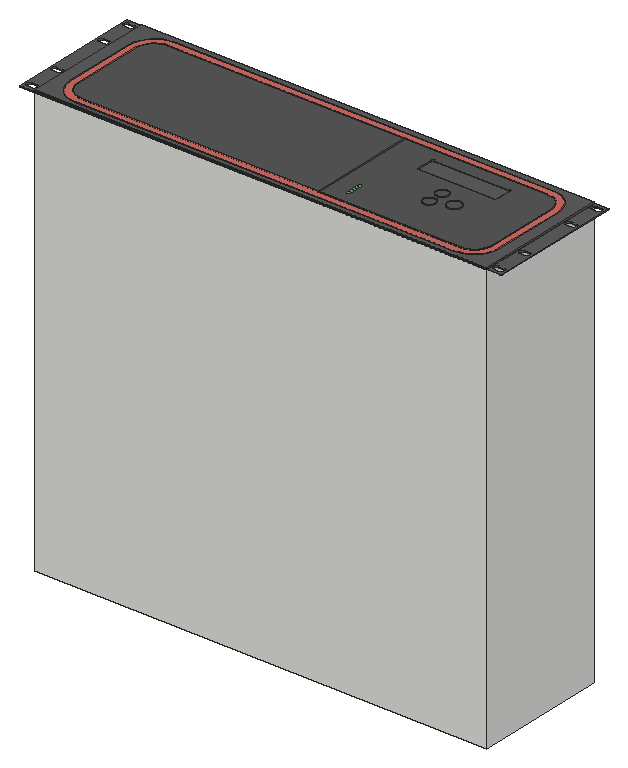
Revit family "Electronics_Configurable-Audio-DSP_Biamp_Tesira_Server-IO__", category Communication Devices, host Face, Revit 2020
Family settings
  Host = Face
  Maintain Annotation Orientation = No
  Round Connector Dimension = Use Diameter
  Part Type = Normal
  OmniClass Number = 23.85.10.17.11
  OmniClass Title = Audio-Visual System Components
  Cut with Voids When Loaded = No
  Shared = No
  Room Calculation Point = No
Parameters (values of type "SERVER-IO")
  Width = 19.00"  # constant formula
  Weight = 18.00 lbf  # constant formula
  Voltage = 120 V
  URL = "https://www.biamp.com/"
  Sampling Rate = "48kHz"  # constant formula
  SERVER-IO = yes
  SERVER = no
  Product data url = "https://www.bimobject.com/biamp/product/tesira-server-io_configurable-audio-dsp"
  Product Page URL = "https://www.biamp.com/products/tesira-configurable-audio-dsp#tesira-server-io"
  Product Documentation Link = "https://downloads.biamp.com/assets/docs/default-source/data-sheets/biamp_data_sheet_tesira_server-io_nov18.pdf"
  Power Factor = 1
  Phantom Power = "+48 VDC (7mA/input)"  # constant formula
  Output Impedance = "200 ohm"  # constant formula
  Number of Poles = 1
  Model = "Tesira SERVER IO"
  Maximum Output = "+24dBu"  # constant formula
  Max Power Consumption = 150 W
  Manufacturer = "Biamp"  # constant formula
  Input Impedance = "8 kohm"  # constant formula
  Input Gain Range = "6dB Steps: 0 - 66dB"  # constant formula
  Housing Material = Biamp - Metal - Silver
  Height = 5.25"  # constant formula
  Frequency Response = "+0/-0.25dB"  # constant formula
  EIN = "<-125dBu"  # constant formula
  Dynamic Range = ">108dB"  # constant formula
  Description = "Tesira® SERVER-IO Configurable I/O DSP"
  Depth = 17.00"  # constant formula
  Default Elevation = 48.00"
  Cross Talk = "0dB Gain, +4dBu In: < -85dB; 54dB Gain, -50dBu In: < -75dB"  # constant formula
  Connector Description = "100-240VAC 50/60Hz"  # constant formula
  Compliance = "FCC Part 15B (USA), FCC Part 68 (USA), Industry Canada CS-03 (Canada), CE marked (Europe), UL and C-UL listed (USA & Canada). RCM (Australia), EAC (Eurasian Customs Union), RoHS Directive (Europe)"  # constant formula
  Assembly Code = ""
  Apparent Load = Max Power Consumption / Power Factor  # 150 VA
  A/D Converters = "24-bit\r"  # constant formula
Reference planes (in)
  plane 1 "Center (Front/Back)": y = 0
  plane 2: z = 0
  plane 3 "Center (Left/Right)": x = 0
  plane 4: z = 0.03125
  plane 5: z = 0.07031
  plane 6: x = 18.4252
  plane 7: y = 2.39528
  plane 8: y = 1.13543
  plane 9: y = -1.14921
  plane 10: y = -2.40905
Forms (in)
  Extrusion 1, solid, material "Biamp - Plastic - Red", detail levels medium+fine
    sketch origin (9.2126, -2.625, -8.40624) x (1, 0, 0) y (0, 1, 0)
      loop
        arc (-7.46063, 5.03937) -> (-8.1566, 4.75109) -> (-8.44488, 4.05512) r 0.98425
        line (-8.44488, 4.05512) -> (-8.44488, 1.1811)
        arc (-8.44488, 1.1811) -> (-8.1566, 0.48513) -> (-7.46063, 0.19685) r 0.98425
        line (-7.46063, 0.19685) -> (7.46063, 0.19685)
        arc (7.46063, 0.19685) -> (8.1566, 0.48513) -> (8.44488, 1.1811) r 0.98425
        line (8.44488, 1.1811) -> (8.44488, 4.05512)
        arc (8.44488, 4.05512) -> (8.1566, 4.75109) -> (7.46063, 5.03937) r 0.98425
        line (7.46063, 5.03937) -> (-7.46063, 5.03937)
      loop
        arc (-7.46063, 4.76378) -> (-7.96173, 4.55622) -> (-8.16929, 4.05512) r 0.70866
        line (-8.16929, 4.05512) -> (-8.16929, 1.1811)
        arc (-8.16929, 1.1811) -> (-7.96173, 0.68) -> (-7.46063, 0.47244) r 0.70866
        line (-7.46063, 0.47244) -> (7.46063, 0.47244)
        arc (7.46063, 0.47244) -> (7.96173, 0.68) -> (8.16929, 1.1811) r 0.70866
        line (8.16929, 1.1811) -> (8.16929, 4.05512)
        arc (8.16929, 4.05512) -> (7.96173, 4.55622) -> (7.46063, 4.76378) r 0.70866
        line (7.46063, 4.76378) -> (-7.46063, 4.76378)
    from 8.47655 to 8.43749
  Extrusion 2, solid, material "Biamp - Plastic - Black(Grid)", detail levels medium+fine
    sketch origin (9.2126, -2.625, -8.40624) x (1, 0, 0) y (0, 1, 0)
      loop
        arc (-7.46063, 4.76378) -> (-7.96173, 4.55622) -> (-8.16929, 4.05512) r 0.70866
        line (-8.16929, 4.05512) -> (-8.16929, 1.1811)
        arc (-8.16929, 1.1811) -> (-7.96173, 0.68) -> (-7.46063, 0.47244) r 0.70866
        line (-7.46063, 0.47244) -> (1.87008, 0.47244) -> (1.87008, 4.76378) -> (-7.46063, 4.76378)
    from 8.47655 to 8.43749
  Extrusion 3, solid, material "Biamp - Glass - Gray", detail levels medium+fine
    sketch origin (9.2126, -2.625, -8.40624) x (1, 0, 0) y (0, 1, 0)
      loop
        line (3.46457, 3.46624) -> (6.37795, 3.46624)
        arc (6.37795, 3.46624) -> (6.44755, 3.49506) -> (6.47638, 3.56466) r 0.09843
        line (6.47638, 3.56466) -> (6.47638, 4.15521)
        arc (6.47638, 4.15521) -> (6.44755, 4.22481) -> (6.37795, 4.25364) r 0.09843
        line (6.37795, 4.25364) -> (3.464, 4.25364)
        arc (3.464, 4.25364) -> (3.39481, 4.22497) -> (3.36614, 4.15578) r 0.09786
        line (3.36614, 4.15578) -> (3.36614, 3.56466)
        arc (3.36614, 3.56466) -> (3.39497, 3.49506) -> (3.46457, 3.46624) r 0.09843
    from 8.47655 to 8.43749
  Extrusion 4, solid, material "Biamp - Plastic - Black", detail levels medium+fine
    sketch origin (9.2126, -2.625, -8.40624) x (1, 0, 0) y (0, 1, 0)
      loop
        circle (4.91745, 2.78143) r 0.23622
      loop
        circle (4.91269, 2.14309) r 0.23622
      loop
        circle (5.66535, 2.44321) r 0.27559
    from 8.47655 to 8.43749
  Extrusion 5, solid, material "Biamp - Metal - Black", detail levels medium+fine
    sketch origin (9.2126, -2.625, -8.3431) x (1, 0, 0) y (0, 0, -1)
      loop
        line (-8.91732, -8.37435) -> (-8.91732, -8.41341) -> (8.91732, -8.41341) -> (8.91732, -8.37435) -> (-8.91732, -8.37435)
    from 0 to 5.25
  Extrusion 6, solid, material "Biamp - Metal - Silver" <- "Housing Material", visible <- "SERVER-IO"
    sketch origin (9.2126, -2.625, -8.40624) x (1, 0, 0) y (0, 0, -1)
      loop
        line (-8.91732, 8.5) -> (-8.91732, -8.40624) -> (8.91732, -8.40624) -> (8.91732, 8.5) -> (-8.91732, 8.5)
    from 0 to 5.25
  Extrusion 7, solid, material "Biamp - Metal - Black", detail levels medium+fine
    sketch origin (9.2126, -2.625, -8.40624) x (1, 0, 0) y (0, 0, -1)
      loop
        line (-9.49219, -8.40624) -> (-9.49219, -8.43749) -> (9.49219, -8.43749) -> (9.49219, -8.40624) -> (-9.49219, -8.40624)
    from 0 to 5.25
  Extrusion 8, void
    sketch origin (9.2126, -2.625, -8.40624) x (1, 0, 0) y (0, 1, 0)
      loop
        arc (9.31102, 4.90216) -> (9.42913, 5.02028) -> (9.31102, 5.13839) r 0.11811
        line (9.31102, 5.13839) -> (9.11417, 5.13839)
        arc (9.11417, 5.13839) -> (8.99606, 5.02028) -> (9.11417, 4.90216) r 0.11811
        line (9.11417, 4.90216) -> (9.31102, 4.90216)
      loop
        arc (9.31102, 3.64232) -> (9.42913, 3.76043) -> (9.31102, 3.87854) r 0.11811
        line (9.31102, 3.87854) -> (9.11417, 3.87854)
        arc (9.11417, 3.87854) -> (8.99606, 3.76043) -> (9.11417, 3.64232) r 0.11811
        line (9.11417, 3.64232) -> (9.31102, 3.64232)
      loop
        line (9.31102, 0.33406) -> (9.11417, 0.33406)
        arc (9.11417, 0.33406) -> (8.99606, 0.21595) -> (9.11417, 0.09784) r 0.11811
        line (9.11417, 0.09784) -> (9.31102, 0.09784)
        arc (9.31102, 0.09784) -> (9.42913, 0.21595) -> (9.31102, 0.33406) r 0.11811
      loop
        line (9.31102, 1.5939) -> (9.11417, 1.5939)
        arc (9.11417, 1.5939) -> (8.99606, 1.47579) -> (9.11417, 1.35768) r 0.11811
        line (9.11417, 1.35768) -> (9.31102, 1.35768)
        arc (9.31102, 1.35768) -> (9.42913, 1.47579) -> (9.31102, 1.5939) r 0.11811
      loop
        line (-9.31102, 4.90216) -> (-9.11417, 4.90216)
        arc (-9.11417, 4.90216) -> (-8.99606, 5.02028) -> (-9.11417, 5.13839) r 0.11811
        line (-9.11417, 5.13839) -> (-9.31102, 5.13839)
        arc (-9.31102, 5.13839) -> (-9.42913, 5.02028) -> (-9.31102, 4.90216) r 0.11811
      loop
        line (-9.31102, 3.64232) -> (-9.11417, 3.64232)
        arc (-9.11417, 3.64232) -> (-8.99606, 3.76043) -> (-9.11417, 3.87854) r 0.11811
        line (-9.11417, 3.87854) -> (-9.31102, 3.87854)
        arc (-9.31102, 3.87854) -> (-9.42913, 3.76043) -> (-9.31102, 3.64232) r 0.11811
      loop
        arc (-9.31102, 0.33406) -> (-9.42913, 0.21595) -> (-9.31102, 0.09784) r 0.11811
        line (-9.31102, 0.09784) -> (-9.11417, 0.09784)
        arc (-9.11417, 0.09784) -> (-8.99606, 0.21595) -> (-9.11417, 0.33406) r 0.11811
        line (-9.11417, 0.33406) -> (-9.31102, 0.33406)
      loop
        arc (-9.31102, 1.5939) -> (-9.42913, 1.47579) -> (-9.31102, 1.35768) r 0.11811
        line (-9.31102, 1.35768) -> (-9.11417, 1.35768)
        arc (-9.11417, 1.35768) -> (-8.99606, 1.47579) -> (-9.11417, 1.5939) r 0.11811
        line (-9.11417, 1.5939) -> (-9.31102, 1.5939)
    from 8.40624 to 8.43919
  Extrusion 9, void
    sketch origin (0.29528, -2.625, -16.90624) x (-1, 0, 0) y (0, -1, 0)
      loop
        line (-15.96022, -3.91084) -> (-15.65245, -3.91084) -> (-15.65245, -2.97663) -> (-15.96022, -2.97663) -> (-15.96022, -3.91084)
      loop
        line (-15.96022, -2.58436) -> (-15.39011, -2.58436) -> (-15.39011, -1.87148) -> (-15.96022, -1.87148) -> (-15.96022, -2.58436)
      loop
        line (-15.96022, -1.24134) -> (-15.39011, -1.24134) -> (-15.39011, -0.54599) -> (-15.96022, -0.54599) -> (-15.96022, -1.24134)
      loop
        arc (-17.47101, -1.19619) -> (-17.44947, -1.27256) -> (-17.37741, -1.30578) r 0.09477
        line (-17.37741, -1.30578) -> (-16.7387, -1.30578)
        arc (-16.7387, -1.30578) -> (-16.66801, -1.27319) -> (-16.64689, -1.19827) r 0.09296
        line (-16.64689, -1.19827) -> (-16.69228, -0.91165)
        arc (-16.69228, -0.91165) -> (-16.71048, -0.87915) -> (-16.74543, -0.86626) r 0.05381
        line (-16.74543, -0.86626) -> (-17.37064, -0.86626)
        arc (-17.37064, -0.86626) -> (-17.40722, -0.87975) -> (-17.42628, -0.91378) r 0.05633
        line (-17.42628, -0.91378) -> (-17.47101, -1.19619)
      loop
        arc (-17.36898, -0.21688) -> (-17.40658, -0.22981) -> (-17.42627, -0.26437) r 0.05633
        line (-17.42627, -0.26437) -> (-17.47101, -0.54681)
        arc (-17.47101, -0.54681) -> (-17.44947, -0.62318) -> (-17.37741, -0.6564) r 0.09477
        line (-17.37741, -0.6564) -> (-16.7387, -0.6564)
        arc (-16.7387, -0.6564) -> (-16.66801, -0.62381) -> (-16.64689, -0.5489) r 0.09296
        line (-16.64689, -0.5489) -> (-16.69228, -0.26227)
        arc (-16.69228, -0.26227) -> (-16.70957, -0.23052) -> (-16.74305, -0.21688) r 0.0538
        line (-16.74305, -0.21688) -> (-17.36898, -0.21688)
      loop
        line (-14.80432, -2.58436) -> (-14.2342, -2.58436) -> (-14.2342, -1.87148) -> (-14.80432, -1.87148) -> (-14.80432, -2.58436)
      loop
        line (-14.80432, -1.24134) -> (-14.2342, -1.24134) -> (-14.2342, -0.54599) -> (-14.80432, -0.54599) -> (-14.80432, -1.24134)
      loop
        line (-13.65493, -2.58436) -> (-13.08482, -2.58436) -> (-13.08482, -1.87148) -> (-13.65493, -1.87148) -> (-13.65493, -2.58436)
      loop
        line (-13.65493, -1.24134) -> (-13.08482, -1.24134) -> (-13.08482, -0.54599) -> (-13.65493, -0.54599) -> (-13.65493, -1.24134)
      loop
        line (-12.51528, -1.24134) -> (-11.94516, -1.24134) -> (-11.94516, -0.54599) -> (-12.51528, -0.54599) -> (-12.51528, -1.24134)
      loop
        line (-11.37396, -3.6471) -> (-10.78341, -3.6471) -> (-10.78341, -3.04942) -> (-11.37396, -3.04942) -> (-11.37396, -3.6471)
      loop
        line (-11.37396, -2.92535) -> (-10.78341, -2.92535) -> (-10.78341, -2.32767) -> (-11.37396, -2.32767) -> (-11.37396, -2.92535)
      loop
        line (-11.37396, -1.89157) -> (-10.78341, -1.89157) -> (-10.78341, -1.29389) -> (-11.37396, -1.29389) -> (-11.37396, -1.89157)
      loop
        line (-11.37396, -1.17837) -> (-10.78341, -1.17837) -> (-10.78341, -0.58069) -> (-11.37396, -0.58069) -> (-11.37396, -1.17837)
      loop
        line (-9.76358, -3.90947) -> (-9.76358, -3.23945) -> (-10.22115, -3.23945) -> (-10.22115, -3.90947) -> (-9.76358, -3.90947)
      loop
        line (-9.76358, -3.12908) -> (-9.76358, -2.45906) -> (-10.22115, -2.45906) -> (-10.22115, -3.12908) -> (-9.76358, -3.12908)
      loop
        line (-9.76358, -1.9946) -> (-9.76358, -1.32459) -> (-10.22115, -1.32459) -> (-10.22115, -1.9946) -> (-9.76358, -1.9946)
      loop
        line (-9.76358, -1.21422) -> (-9.76358, -0.5442) -> (-10.22115, -0.5442) -> (-10.22115, -1.21422) -> (-9.76358, -1.21422)
      loop
        line (-8.61908, -3.90947) -> (-8.61908, -3.23945) -> (-9.07665, -3.23945) -> (-9.07665, -3.90947) -> (-8.61908, -3.90947)
      loop
        line (-8.61908, -3.12908) -> (-8.61908, -2.45906) -> (-9.07665, -2.45906) -> (-9.07665, -3.12908) -> (-8.61908, -3.12908)
      loop
        line (-8.61908, -1.9946) -> (-8.61908, -1.32459) -> (-9.07665, -1.32459) -> (-9.07665, -1.9946) -> (-8.61908, -1.9946)
      loop
        line (-8.61908, -1.21422) -> (-8.61908, -0.5442) -> (-9.07665, -0.5442) -> (-9.07665, -1.21422) -> (-8.61908, -1.21422)
      loop
        line (-7.43798, -3.90947) -> (-7.43798, -3.23945) -> (-7.89555, -3.23945) -> (-7.89555, -3.90947) -> (-7.43798, -3.90947)
      loop
        line (-7.43798, -3.12908) -> (-7.43798, -2.45906) -> (-7.89555, -2.45906) -> (-7.89555, -3.12908) -> (-7.43798, -3.12908)
      loop
        line (-7.43798, -1.9946) -> (-7.43798, -1.32459) -> (-7.89555, -1.32459) -> (-7.89555, -1.9946) -> (-7.43798, -1.9946)
      loop
        line (-7.43798, -1.21422) -> (-7.43798, -0.5442) -> (-7.89555, -0.5442) -> (-7.89555, -1.21422) -> (-7.43798, -1.21422)
      loop
        line (-4.01352, -3.90947) -> (-4.01352, -3.23945) -> (-4.47109, -3.23945) -> (-4.47109, -3.90947) -> (-4.01352, -3.90947)
      loop
        line (-4.01352, -3.12908) -> (-4.01352, -2.45906) -> (-4.47109, -2.45906) -> (-4.47109, -3.12908) -> (-4.01352, -3.12908)
      loop
        line (-4.01352, -1.9946) -> (-4.01352, -1.32459) -> (-4.47109, -1.32459) -> (-4.47109, -1.9946) -> (-4.01352, -1.9946)
      loop
        line (-4.01352, -1.21422) -> (-4.01352, -0.5442) -> (-4.47109, -0.5442) -> (-4.47109, -1.21422) -> (-4.01352, -1.21422)
      loop
        line (-2.87794, -3.90947) -> (-2.87794, -3.23945) -> (-3.33552, -3.23945) -> (-3.33552, -3.90947) -> (-2.87794, -3.90947)
      loop
        line (-2.87794, -3.12908) -> (-2.87794, -2.45906) -> (-3.33552, -2.45906) -> (-3.33552, -3.12908) -> (-2.87794, -3.12908)
      loop
        line (-2.87794, -1.9946) -> (-2.87794, -1.32459) -> (-3.33552, -1.32459) -> (-3.33552, -1.9946) -> (-2.87794, -1.9946)
      loop
        line (-2.87794, -1.21422) -> (-2.87794, -0.5442) -> (-3.33552, -0.5442) -> (-3.33552, -1.21422) -> (-2.87794, -1.21422)
      loop
        line (-1.73942, -3.90947) -> (-1.73942, -3.23945) -> (-2.197, -3.23945) -> (-2.197, -3.90947) -> (-1.73942, -3.90947)
      loop
        line (-1.73942, -3.12908) -> (-1.73942, -2.45906) -> (-2.197, -2.45906) -> (-2.197, -3.12908) -> (-1.73942, -3.12908)
      loop
        line (-1.73942, -1.9946) -> (-1.73942, -1.32459) -> (-2.197, -1.32459) -> (-2.197, -1.9946) -> (-1.73942, -1.9946)
      loop
        line (-1.73942, -1.21422) -> (-1.73942, -0.5442) -> (-2.197, -0.5442) -> (-2.197, -1.21422) -> (-1.73942, -1.21422)
      loop
        line (-0.55832, -3.90947) -> (-0.55832, -3.23945) -> (-1.01589, -3.23945) -> (-1.01589, -3.90947) -> (-0.55832, -3.90947)
      loop
        line (-0.55832, -3.12908) -> (-0.55832, -2.45906) -> (-1.01589, -2.45906) -> (-1.01589, -3.12908) -> (-0.55832, -3.12908)
      loop
        line (-0.55832, -1.9946) -> (-0.55832, -1.32459) -> (-1.01589, -1.32459) -> (-1.01589, -1.9946) -> (-0.55832, -1.9946)
      loop
        line (-0.55832, -1.21422) -> (-0.55832, -0.5442) -> (-1.01589, -0.5442) -> (-1.01589, -1.21422) -> (-0.55832, -1.21422)
      loop
        line (-17.21787, -3.91084) -> (-16.78644, -3.91084)
        arc (-16.78644, -3.91084) -> (-16.61941, -3.84165) -> (-16.55022, -3.67462) r 0.23622
        line (-16.55022, -3.67462) -> (-16.55022, -2.89161)
        arc (-16.55022, -2.89161) -> (-16.61941, -2.72458) -> (-16.78644, -2.65539) r 0.23622
        line (-16.78644, -2.65539) -> (-17.21811, -2.65539)
        arc (-17.21811, -2.65539) -> (-17.38515, -2.72458) -> (-17.45433, -2.89161) r 0.23622
        line (-17.45433, -2.89161) -> (-17.45433, -3.67438)
        arc (-17.45433, -3.67438) -> (-17.38508, -3.84158) -> (-17.21787, -3.91084) r 0.23646
    from 0.13 to 0
  Extrusion 10, void
    sketch origin (0.29528, -2.625, -16.90624) x (-1, 0, 0) y (0, -1, 0)
      loop
        line (-16.12646, -4.3221) -> (-15.21845, -4.3221) -> (-15.21845, -0.3481) -> (-16.12646, -0.3481) -> (-16.12646, -4.3221)
      loop
        line (-14.94536, -4.3221) -> (-14.03735, -4.3221) -> (-14.03735, -0.3481) -> (-14.94536, -0.3481) -> (-14.94536, -4.3221)
      loop
        line (-13.76426, -4.3221) -> (-12.97686, -4.3221) -> (-12.97686, -0.3481) -> (-13.76426, -0.3481) -> (-13.76426, -4.3221)
      loop
        line (-12.64272, -4.3221) -> (-11.85532, -4.3221) -> (-11.85532, -0.3481) -> (-12.64272, -0.3481) -> (-12.64272, -4.3221)
      loop
        line (-11.46161, -4.3221) -> (-10.67421, -4.3221) -> (-10.67421, -0.3481) -> (-11.46161, -0.3481) -> (-11.46161, -4.3221)
      loop
        line (-10.35281, -4.3221) -> (-9.50903, -4.3221) -> (-9.50903, -0.3481) -> (-10.35281, -0.3481) -> (-10.35281, -4.3221)
      loop
        line (-9.17171, -4.3221) -> (-8.35435, -4.3221) -> (-8.35435, -0.3481) -> (-9.17171, -0.3481) -> (-9.17171, -4.3221)
      loop
        line (-8.03552, -4.3221) -> (-7.24812, -4.3221) -> (-7.24812, -0.3481) -> (-8.03552, -0.3481) -> (-8.03552, -4.3221)
      loop
        line (-6.8988, -4.3221) -> (-6.07872, -4.3221) -> (-6.07872, -0.3481) -> (-6.8988, -0.3481) -> (-6.8988, -4.3221)
      loop
        line (-5.77567, -4.3221) -> (-4.94741, -4.3221) -> (-4.94741, -0.3481) -> (-5.77567, -0.3481) -> (-5.77567, -4.3221)
      loop
        line (-4.62258, -4.3221) -> (-3.80794, -4.3221) -> (-3.80794, -0.3481) -> (-4.62258, -0.3481) -> (-4.62258, -4.3221)
      loop
        line (-3.4905, -4.3221) -> (-2.65408, -4.3221) -> (-2.65408, -0.3481) -> (-3.4905, -0.3481) -> (-3.4905, -4.3221)
      loop
        line (-2.34522, -4.3221) -> (-1.52336, -4.3221) -> (-1.52336, -0.3481) -> (-2.34522, -0.3481) -> (-2.34522, -4.3221)
      loop
        line (-1.20129, -4.3221) -> (-0.3937, -4.3221) -> (-0.3937, -0.3481) -> (-1.20129, -0.3481) -> (-1.20129, -4.3221)
    from 0.1 to 0
  Extrusion 11, solid, material "Biamp - Plastic - Black", detail levels medium+fine
    sketch origin (9.40945, -2.625, -8.40624) x (1, 0, 0) y (0, 1, 0)
      loop
        line (1.72534, 0.47244) -> (7.26378, 0.47244)
        arc (7.26378, 0.47244) -> (7.76488, 0.68) -> (7.97244, 1.1811) r 0.70866
        line (7.97244, 1.1811) -> (7.97244, 4.05512)
        arc (7.97244, 4.05512) -> (7.76488, 4.55622) -> (7.26378, 4.76378) r 0.70866
        line (7.26378, 4.76378) -> (1.72534, 4.76378) -> (1.72534, 0.47244)
      loop
        circle (4.7206, 2.78143) r 0.23622
      loop
        circle (4.71584, 2.14309) r 0.23622
      loop
        circle (5.4685, 2.44321) r 0.27559
      loop
        line (3.26772, 3.46624) -> (6.1811, 3.46624)
        arc (6.1811, 3.46624) -> (6.2507, 3.49506) -> (6.27953, 3.56466) r 0.09843
        line (6.27953, 3.56466) -> (6.27953, 4.15521)
        arc (6.27953, 4.15521) -> (6.2507, 4.22481) -> (6.1811, 4.25364) r 0.09843
        line (6.1811, 4.25364) -> (3.26715, 4.25364)
        arc (3.26715, 4.25364) -> (3.19795, 4.22497) -> (3.16929, 4.15578) r 0.09786
        line (3.16929, 4.15578) -> (3.16929, 3.56466)
        arc (3.16929, 3.56466) -> (3.19812, 3.49506) -> (3.26772, 3.46624) r 0.09843
    from 8.47655 to 8.43749
  Extrusion 12, void
    sketch origin (9.2126, 0, 0) x (1, 0, 0) y (0, 1, 0)
      loop
        arc (-7.46063, 2.41437) -> (-8.1566, 2.12609) -> (-8.44488, 1.43012) r 0.98425
        line (-8.44488, 1.43012) -> (-8.44488, -1.4439)
        arc (-8.44488, -1.4439) -> (-8.1566, -2.13987) -> (-7.46063, -2.42815) r 0.98425
        line (-7.46063, -2.42815) -> (7.46063, -2.42815)
        arc (7.46063, -2.42815) -> (8.1566, -2.13987) -> (8.44488, -1.4439) r 0.98425
        line (8.44488, -1.4439) -> (8.44488, 1.43012)
        arc (8.44488, 1.43012) -> (8.1566, 2.12609) -> (7.46063, 2.41437) r 0.98425
        line (7.46063, 2.41437) -> (-7.46063, 2.41437)
    from 0.03125 to 0.07031
  Revolve 13, solid, material "Biamp - Plastic - Green", detail levels fine
    sketch origin (11.85763, -2.36365, -5.08717) x (0, 1, 0) y (0, 0, 1)
      loop
        arc (1.33717, 5.15748) -> (1.29771, 5.19694) -> (1.25824, 5.15748) r 0.03946
        line (1.25824, 5.15748) -> (1.33717, 5.15748)
      loop
        arc (1.19785, 5.15748) -> (1.15839, 5.19694) -> (1.11892, 5.15748) r 0.03946
        line (1.11892, 5.15748) -> (1.19785, 5.15748)
      loop
        arc (1.05983, 5.15748) -> (1.02037, 5.19694) -> (0.9809, 5.15748) r 0.03946
        line (0.9809, 5.15748) -> (1.05983, 5.15748)
      loop
        arc (0.92095, 5.15748) -> (0.88149, 5.19694) -> (0.84202, 5.15748) r 0.03946
        line (0.84202, 5.15748) -> (0.92095, 5.15748)
      loop
        arc (0.78497, 5.15748) -> (0.7455, 5.19694) -> (0.70604, 5.15748) r 0.03946
        line (0.70604, 5.15748) -> (0.78497, 5.15748)
      axis (1.33717, 5.15748) -> (0.70604, 5.15748)
    angle from 270 to 450
  Extrusion 14, solid, material "Biamp - Metal - Black", detail levels coarse
    sketch origin (0, 0, 0) x (1, 0, 0) y (0, 0, 1)
      loop
        line (-0.27959, 0.03125) -> (-0.27959, 0) -> (18.70479, 0) -> (18.70479, 0.03125) -> (-0.27959, 0.03125)
    from -2.625 to 2.625
  Extrusion 15, solid, material "Biamp - Metal - Black", detail levels coarse
    sketch origin (0, 0, 0) x (1, 0, 0) y (0, 0, 1)
      loop
        line (0.29528, 0.07031) -> (0.29528, 0.03125) -> (18.12992, 0.03125) -> (18.12992, 0.07031) -> (0.29528, 0.07031)
    from -2.625 to 2.625
Cuts and joins
  Extrusion 9, Extrusion 10 cuts Extrusion 6
  Extrusion 8 cuts Extrusion 7
  Extrusion 12 cuts Extrusion 5
Lines and regions (in)
  Masking region 1
    outline origin (0, 0, 0) x (1, 0, 0) y (0, 0, 1)
      loop
        line (-0.27959, 0) -> (0.29528, 0) -> (0.29528, -16.90624) -> (18.12992, -16.90624) -> (18.12992, 0) -> (18.70479, 0) -> (18.70479, 0.03125) -> (18.12992, 0.03125) -> (18.12992, 0.07031) -> (0.29528, 0.07031) -> (0.29528, 0.03125) -> (-0.27959, 0.03125) -> (-0.27959, 0)
  symbolic lines
    curve 1: line (-0.27959, 0, 0.03125) -> (18.70479, 0, 0.03125)
    curve 2: line (18.70479, 0, 0) -> (-0.27959, 0, 0)
Dimensions and locks (in)
  plane 5 to plane 4 = 0.03906"
  aligned and locked: plane 2 to host face
  aligned and locked: level to host face
  aligned and locked: Extrusion 8 to Extrusion 7
  aligned and locked: Extrusion 5 to Extrusion 7
  aligned and locked: Extrusion 5 to Extrusion 6
  aligned and locked: Extrusion 1 to Extrusion 2
  aligned and locked: Extrusion 1 to Extrusion 11
  aligned and locked: Extrusion 1 to Extrusion 3
  aligned and locked: Extrusion 1 to Extrusion 4
Connectors (in)
  electrical at (17.29752, 0.65809, -16.77624), driven by "Number of Poles", driven by "Voltage", driven by "Apparent Load", driven by "Power Factor", driven by "Connector Description"
    settings: on cut or joined group of Extrusion 6, Extrusion 9, Extrusion 10, index 1, voltage 120 V, apparent load 0 VA, apparent load phase1 150 VA, apparent load phase2 0 VA, apparent load phase3 0 VA, power factor 1, load classification "Other", number of poles 1, system type 31, power factor state 1, is connector primary yes, connector utility no, sub classification motor no, connector description "100-240VAC 50/60Hz"
  electrical at (17.35385, -1.55451, -16.77624)
    settings: on cut or joined group of Extrusion 6, Extrusion 9, Extrusion 10, index 2, voltage 0 V, apparent load 0 VA, apparent load phase1 0 VA, apparent load phase2 0 VA, apparent load phase3 0 VA, power factor 1, load classification "Other", number of poles 1, system type 5, power factor state 1, is connector primary no, connector utility no, sub classification motor no, connector description "RS-232; Serial 1"
  electrical at (17.35335, -2.20389, -16.77624)
    settings: on cut or joined group of Extrusion 6, Extrusion 9, Extrusion 10, index 3, voltage 0 V, apparent load 0 VA, apparent load phase1 0 VA, apparent load phase2 0 VA, apparent load phase3 0 VA, power factor 1, load classification "Other", number of poles 1, system type 5, power factor state 1, is connector primary no, connector utility no, sub classification motor no, connector description "RS-232; Serial 2"
  electrical at (15.97044, -1.73133, -16.77624)
    settings: on cut or joined group of Extrusion 6, Extrusion 9, Extrusion 10, index 4, voltage 0 V, apparent load 0 VA, apparent load phase1 0 VA, apparent load phase2 0 VA, apparent load phase3 0 VA, power factor 1, load classification "Other", number of poles 1, system type 5, power factor state 1, is connector primary no, connector utility no, sub classification motor no, connector description "RJ-45; SNC-1 Secondary"
  electrical at (15.97044, -0.39708, -16.77624)
    settings: on cut or joined group of Extrusion 6, Extrusion 9, Extrusion 10, index 5, voltage 0 V, apparent load 0 VA, apparent load phase1 0 VA, apparent load phase2 0 VA, apparent load phase3 0 VA, power factor 1, load classification "Other", number of poles 1, system type 5, power factor state 1, is connector primary no, connector utility no, sub classification motor no, connector description "RJ-45; SNC-1 Primary"
  electrical at (16.10161, 0.81874, -16.77624)
    settings: on cut or joined group of Extrusion 6, Extrusion 9, Extrusion 10, index 6, voltage 0 V, apparent load 0 VA, apparent load phase1 0 VA, apparent load phase2 0 VA, apparent load phase3 0 VA, power factor 1, load classification "Other", number of poles 1, system type 5, power factor state 1, is connector primary no, connector utility no, sub classification motor no, connector description "Logic I/O (x4)"
  electrical at (14.81453, -0.39708, -16.77624)
    settings: on cut or joined group of Extrusion 6, Extrusion 9, Extrusion 10, index 7, voltage 0 V, apparent load 0 VA, apparent load phase1 0 VA, apparent load phase2 0 VA, apparent load phase3 0 VA, power factor 1, load classification "Other", number of poles 1, system type 5, power factor state 1, is connector primary no, connector utility no, sub classification motor no, connector description "RJ-45; AVB-1 Primary"
  electrical at (14.81453, -1.73133, -16.77624)
    settings: on cut or joined group of Extrusion 6, Extrusion 9, Extrusion 10, index 8, voltage 0 V, apparent load 0 VA, apparent load phase1 0 VA, apparent load phase2 0 VA, apparent load phase3 0 VA, power factor 1, load classification "Other", number of poles 1, system type 5, power factor state 1, is connector primary no, connector utility no, sub classification motor no, connector description "RJ-45; AVB-1 Secondary"
  electrical at (13.66515, -1.73133, -16.77624)
    settings: on cut or joined group of Extrusion 6, Extrusion 9, Extrusion 10, index 9, voltage 0 V, apparent load 0 VA, apparent load phase1 0 VA, apparent load phase2 0 VA, apparent load phase3 0 VA, power factor 1, load classification "Other", number of poles 1, system type 5, power factor state 1, is connector primary no, connector utility no, sub classification motor no, connector description "RJ-45; SCM-1 Secondary"
  electrical at (13.66515, -0.39708, -16.77624)
    settings: on cut or joined group of Extrusion 6, Extrusion 9, Extrusion 10, index 10, voltage 0 V, apparent load 0 VA, apparent load phase1 0 VA, apparent load phase2 0 VA, apparent load phase3 0 VA, power factor 1, load classification "Other", number of poles 1, system type 5, power factor state 1, is connector primary no, connector utility no, sub classification motor no, connector description "RJ-45; SCM-1 Primary"
  electrical at (12.52549, -1.73133, -16.77624)
    settings: on cut or joined group of Extrusion 6, Extrusion 9, Extrusion 10, index 11, voltage 0 V, apparent load 0 VA, apparent load phase1 0 VA, apparent load phase2 0 VA, apparent load phase3 0 VA, power factor 1, load classification "Other", number of poles 1, system type 5, power factor state 1, is connector primary no, connector utility no, sub classification motor no, connector description "RJ-45; SVC-2 VoIP"
  electrical at (11.37396, -1.74547, -16.77624)
    settings: on cut or joined group of Extrusion 6, Extrusion 9, Extrusion 10, index 12, voltage 0 V, apparent load 0 VA, apparent load phase1 0 VA, apparent load phase2 0 VA, apparent load phase3 0 VA, power factor 1, load classification "Other", number of poles 1, system type 5, power factor state 1, is connector primary no, connector utility no, sub classification motor no, connector description "STC-2; Set-2"
  electrical at (11.37396, -1.03227, -16.77624)
    settings: on cut or joined group of Extrusion 6, Extrusion 9, Extrusion 10, index 13, voltage 0 V, apparent load 0 VA, apparent load phase1 0 VA, apparent load phase2 0 VA, apparent load phase3 0 VA, power factor 1, load classification "Other", number of poles 1, system type 5, power factor state 1, is connector primary no, connector utility no, sub classification motor no, connector description "STC-2; Line 2"
  electrical at (11.37396, 0.00151, -16.77624)
    settings: on cut or joined group of Extrusion 6, Extrusion 9, Extrusion 10, index 14, voltage 0 V, apparent load 0 VA, apparent load phase1 0 VA, apparent load phase2 0 VA, apparent load phase3 0 VA, power factor 1, load classification "Other", number of poles 1, system type 5, power factor state 1, is connector primary no, connector utility no, sub classification motor no, connector description "STC-2; Set-1"
  electrical at (11.37396, 0.72326, -16.77624)
    settings: on cut or joined group of Extrusion 6, Extrusion 9, Extrusion 10, index 15, voltage 0 V, apparent load 0 VA, apparent load phase1 0 VA, apparent load phase2 0 VA, apparent load phase3 0 VA, power factor 1, load classification "Other", number of poles 1, system type 5, power factor state 1, is connector primary no, connector utility no, sub classification motor no, connector description "STC-2; Line 1"
  electrical at (10.28764, 0.94946, -16.77624)
    settings: on cut or joined group of Extrusion 6, Extrusion 9, Extrusion 10, index 16, voltage 0 V, apparent load 0 VA, apparent load phase1 0 VA, apparent load phase2 0 VA, apparent load phase3 0 VA, power factor 1, load classification "Other", number of poles 1, system type 5, power factor state 1, is connector primary no, connector utility no, sub classification motor no, connector description "SOC-4; Output 1"
  electrical at (10.28764, 0.16907, -16.77624)
    settings: on cut or joined group of Extrusion 6, Extrusion 9, Extrusion 10, index 17, voltage 0 V, apparent load 0 VA, apparent load phase1 0 VA, apparent load phase2 0 VA, apparent load phase3 0 VA, power factor 1, load classification "Other", number of poles 1, system type 5, power factor state 1, is connector primary no, connector utility no, sub classification motor no, connector description "SOC-4; Output 2"
  electrical at (10.28764, -0.9654, -16.77624)
    settings: on cut or joined group of Extrusion 6, Extrusion 9, Extrusion 10, index 18, voltage 0 V, apparent load 0 VA, apparent load phase1 0 VA, apparent load phase2 0 VA, apparent load phase3 0 VA, power factor 1, load classification "Other", number of poles 1, system type 5, power factor state 1, is connector primary no, connector utility no, sub classification motor no, connector description "SOC-4; Output 3"
  electrical at (10.28764, -1.74579, -16.77624)
    settings: on cut or joined group of Extrusion 6, Extrusion 9, Extrusion 10, index 19, voltage 0 V, apparent load 0 VA, apparent load phase1 0 VA, apparent load phase2 0 VA, apparent load phase3 0 VA, power factor 1, load classification "Other", number of poles 1, system type 5, power factor state 1, is connector primary no, connector utility no, sub classification motor no, connector description "SOC-4; Output 4"
  electrical at (9.14314, -1.74579, -16.77624)
    settings: on cut or joined group of Extrusion 6, Extrusion 9, Extrusion 10, index 20, voltage 0 V, apparent load 0 VA, apparent load phase1 0 VA, apparent load phase2 0 VA, apparent load phase3 0 VA, power factor 1, load classification "Other", number of poles 1, system type 5, power factor state 1, is connector primary no, connector utility no, sub classification motor no, connector description "SOC-4; Output 4"
  electrical at (9.14314, -0.9654, -16.77624)
    settings: on cut or joined group of Extrusion 6, Extrusion 9, Extrusion 10, index 21, voltage 0 V, apparent load 0 VA, apparent load phase1 0 VA, apparent load phase2 0 VA, apparent load phase3 0 VA, power factor 1, load classification "Other", number of poles 1, system type 5, power factor state 1, is connector primary no, connector utility no, sub classification motor no, connector description "SOC-4; Output 3"
  electrical at (9.14314, 0.16907, -16.77624)
    settings: on cut or joined group of Extrusion 6, Extrusion 9, Extrusion 10, index 22, voltage 0 V, apparent load 0 VA, apparent load phase1 0 VA, apparent load phase2 0 VA, apparent load phase3 0 VA, power factor 1, load classification "Other", number of poles 1, system type 5, power factor state 1, is connector primary no, connector utility no, sub classification motor no, connector description "SOC-4; Output 2"
  electrical at (9.14314, 0.94946, -16.77624)
    settings: on cut or joined group of Extrusion 6, Extrusion 9, Extrusion 10, index 23, voltage 0 V, apparent load 0 VA, apparent load phase1 0 VA, apparent load phase2 0 VA, apparent load phase3 0 VA, power factor 1, load classification "Other", number of poles 1, system type 5, power factor state 1, is connector primary no, connector utility no, sub classification motor no, connector description "SOC-4; Output 1"
  electrical at (7.96204, 0.94946, -16.77624)
    settings: on cut or joined group of Extrusion 6, Extrusion 9, Extrusion 10, index 24, voltage 0 V, apparent load 0 VA, apparent load phase1 0 VA, apparent load phase2 0 VA, apparent load phase3 0 VA, power factor 1, load classification "Other", number of poles 1, system type 5, power factor state 1, is connector primary no, connector utility no, sub classification motor no, connector description "SOC-4; Output 1"
  electrical at (7.96204, 0.16907, -16.77624)
    settings: on cut or joined group of Extrusion 6, Extrusion 9, Extrusion 10, index 25, voltage 0 V, apparent load 0 VA, apparent load phase1 0 VA, apparent load phase2 0 VA, apparent load phase3 0 VA, power factor 1, load classification "Other", number of poles 1, system type 5, power factor state 1, is connector primary no, connector utility no, sub classification motor no, connector description "SOC-4; Output 2"
  electrical at (7.96204, -0.9654, -16.77624)
    settings: on cut or joined group of Extrusion 6, Extrusion 9, Extrusion 10, index 26, voltage 0 V, apparent load 0 VA, apparent load phase1 0 VA, apparent load phase2 0 VA, apparent load phase3 0 VA, power factor 1, load classification "Other", number of poles 1, system type 5, power factor state 1, is connector primary no, connector utility no, sub classification motor no, connector description "SOC-4; Output 3"
  electrical at (7.96204, -1.74579, -16.77624)
    settings: on cut or joined group of Extrusion 6, Extrusion 9, Extrusion 10, index 27, voltage 0 V, apparent load 0 VA, apparent load phase1 0 VA, apparent load phase2 0 VA, apparent load phase3 0 VA, power factor 1, load classification "Other", number of poles 1, system type 5, power factor state 1, is connector primary no, connector utility no, sub classification motor no, connector description "SOC-4; Output 4"
  electrical at (4.53758, 0.94946, -16.77624)
    settings: on cut or joined group of Extrusion 6, Extrusion 9, Extrusion 10, index 28, voltage 0 V, apparent load 0 VA, apparent load phase1 0 VA, apparent load phase2 0 VA, apparent load phase3 0 VA, power factor 1, load classification "Other", number of poles 1, system type 5, power factor state 1, is connector primary no, connector utility no, sub classification motor no, connector description "SAC-4; ANC Input 1"
  electrical at (4.53758, 0.16907, -16.77624)
    settings: on cut or joined group of Extrusion 6, Extrusion 9, Extrusion 10, index 29, voltage 0 V, apparent load 0 VA, apparent load phase1 0 VA, apparent load phase2 0 VA, apparent load phase3 0 VA, power factor 1, load classification "Other", number of poles 1, system type 5, power factor state 1, is connector primary no, connector utility no, sub classification motor no, connector description "SAC-4; ANC Input 2"
  electrical at (4.53758, -0.9654, -16.77624)
    settings: on cut or joined group of Extrusion 6, Extrusion 9, Extrusion 10, index 30, voltage 0 V, apparent load 0 VA, apparent load phase1 0 VA, apparent load phase2 0 VA, apparent load phase3 0 VA, power factor 1, load classification "Other", number of poles 1, system type 5, power factor state 1, is connector primary no, connector utility no, sub classification motor no, connector description "SAC-4; ANC Input 3"
  electrical at (4.53758, -1.74579, -16.77624)
    settings: on cut or joined group of Extrusion 6, Extrusion 9, Extrusion 10, index 31, voltage 0 V, apparent load 0 VA, apparent load phase1 0 VA, apparent load phase2 0 VA, apparent load phase3 0 VA, power factor 1, load classification "Other", number of poles 1, system type 5, power factor state 1, is connector primary no, connector utility no, sub classification motor no, connector description "SAC-4; ANC Input 4"
  electrical at (3.40201, -1.74579, -16.77624)
    settings: on cut or joined group of Extrusion 6, Extrusion 9, Extrusion 10, index 32, voltage 0 V, apparent load 0 VA, apparent load phase1 0 VA, apparent load phase2 0 VA, apparent load phase3 0 VA, power factor 1, load classification "Other", number of poles 1, system type 5, power factor state 1, is connector primary no, connector utility no, sub classification motor no, connector description "SEC-4; AEC Input 4"
  electrical at (3.40201, -0.9654, -16.77624)
    settings: on cut or joined group of Extrusion 6, Extrusion 9, Extrusion 10, index 33, voltage 0 V, apparent load 0 VA, apparent load phase1 0 VA, apparent load phase2 0 VA, apparent load phase3 0 VA, power factor 1, load classification "Other", number of poles 1, system type 5, power factor state 1, is connector primary no, connector utility no, sub classification motor no, connector description "SEC-4; AEC Input 3"
  electrical at (3.40201, 0.16907, -16.77624)
    settings: on cut or joined group of Extrusion 6, Extrusion 9, Extrusion 10, index 34, voltage 0 V, apparent load 0 VA, apparent load phase1 0 VA, apparent load phase2 0 VA, apparent load phase3 0 VA, power factor 1, load classification "Other", number of poles 1, system type 5, power factor state 1, is connector primary no, connector utility no, sub classification motor no, connector description "SEC-4; AEC Input 2"
  electrical at (3.40201, 0.94946, -16.77624)
    settings: on cut or joined group of Extrusion 6, Extrusion 9, Extrusion 10, index 35, voltage 0 V, apparent load 0 VA, apparent load phase1 0 VA, apparent load phase2 0 VA, apparent load phase3 0 VA, power factor 1, load classification "Other", number of poles 1, system type 5, power factor state 1, is connector primary no, connector utility no, sub classification motor no, connector description "SEC-4; AEC Input 1"
  electrical at (2.26349, 0.94946, -16.77624)
    settings: on cut or joined group of Extrusion 6, Extrusion 9, Extrusion 10, index 36, voltage 0 V, apparent load 0 VA, apparent load phase1 0 VA, apparent load phase2 0 VA, apparent load phase3 0 VA, power factor 1, load classification "Other", number of poles 1, system type 5, power factor state 1, is connector primary no, connector utility no, sub classification motor no, connector description "SIC-4; Input 1"
  electrical at (2.26349, 0.16907, -16.77624)
    settings: on cut or joined group of Extrusion 6, Extrusion 9, Extrusion 10, index 37, voltage 0 V, apparent load 0 VA, apparent load phase1 0 VA, apparent load phase2 0 VA, apparent load phase3 0 VA, power factor 1, load classification "Other", number of poles 1, system type 5, power factor state 1, is connector primary no, connector utility no, sub classification motor no, connector description "SIC-4; Input 2"
  electrical at (2.26349, -0.9654, -16.77624)
    settings: on cut or joined group of Extrusion 6, Extrusion 9, Extrusion 10, index 38, voltage 0 V, apparent load 0 VA, apparent load phase1 0 VA, apparent load phase2 0 VA, apparent load phase3 0 VA, power factor 1, load classification "Other", number of poles 1, system type 5, power factor state 1, is connector primary no, connector utility no, sub classification motor no, connector description "SIC-4; Input 3"
  electrical at (2.26349, -1.74579, -16.77624)
    settings: on cut or joined group of Extrusion 6, Extrusion 9, Extrusion 10, index 39, voltage 0 V, apparent load 0 VA, apparent load phase1 0 VA, apparent load phase2 0 VA, apparent load phase3 0 VA, power factor 1, load classification "Other", number of poles 1, system type 5, power factor state 1, is connector primary no, connector utility no, sub classification motor no, connector description "SIC-4; Input 4"
  electrical at (1.08238, -1.74579, -16.77624)
    settings: on cut or joined group of Extrusion 6, Extrusion 9, Extrusion 10, index 40, voltage 0 V, apparent load 0 VA, apparent load phase1 0 VA, apparent load phase2 0 VA, apparent load phase3 0 VA, power factor 1, load classification "Other", number of poles 1, system type 5, power factor state 1, is connector primary no, connector utility no, sub classification motor no, connector description "SIC-4; Input 4"
  electrical at (1.08238, -0.9654, -16.77624)
    settings: on cut or joined group of Extrusion 6, Extrusion 9, Extrusion 10, index 41, voltage 0 V, apparent load 0 VA, apparent load phase1 0 VA, apparent load phase2 0 VA, apparent load phase3 0 VA, power factor 1, load classification "Other", number of poles 1, system type 5, power factor state 1, is connector primary no, connector utility no, sub classification motor no, connector description "SIC-4; Input 3"
  electrical at (1.08238, 0.16907, -16.77624)
    settings: on cut or joined group of Extrusion 6, Extrusion 9, Extrusion 10, index 42, voltage 0 V, apparent load 0 VA, apparent load phase1 0 VA, apparent load phase2 0 VA, apparent load phase3 0 VA, power factor 1, load classification "Other", number of poles 1, system type 5, power factor state 1, is connector primary no, connector utility no, sub classification motor no, connector description "SIC-4; Input 2"
  electrical at (1.08238, 0.94946, -16.77624)
    settings: on cut or joined group of Extrusion 6, Extrusion 9, Extrusion 10, index 43, voltage 0 V, apparent load 0 VA, apparent load phase1 0 VA, apparent load phase2 0 VA, apparent load phase3 0 VA, power factor 1, load classification "Other", number of poles 1, system type 5, power factor state 1, is connector primary no, connector utility no, sub classification motor no, connector description "SIC-4; Input 1"
